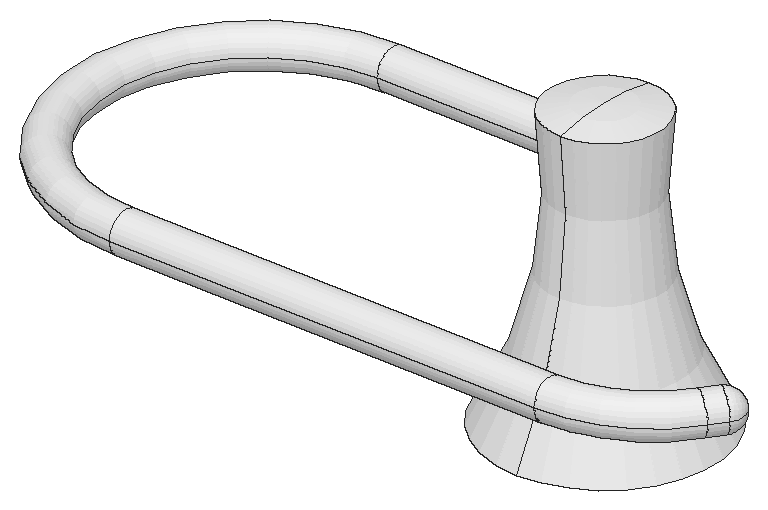
Revit family "Toilet Roll Holder-Single-Caroma Elegance", category Specialty Equipment, host Face, Revit 2013
Parameters (values of type "Standard")
  URL = "http://www.caroma.com.au/"
  Type Comments = "Caroma Elegance Toilet Roll Holder"  # constant formula
  Model = "631163C"  # constant formula
  Material_ANZRS = Metal-Chrome-Caroma
  Manufacturer = "GWA Bathrooms & Kitchens"  # constant formula
  Length_ANZRS = 170 mm  # constant formula
  Description = ""
  Default Elevation = 500 mm
  CreatedBy_ANZRS = "Design Content"  # constant formula
  CreatedByURL_ANZRS = "www.designcontent.com.au"
  Cost = 0
  Assembly Code = "C1030200"
Reference planes
  plane 1 "Center (Elevation)": y = 0
  plane 2 "Back": z = 0
  plane 3 "Center (Left/Right)": x = 0
  plane 4 "Left": x = -90.701
  plane 5 "Right": x = 79.299
  plane 6 "Bottom": y = -80.5
  plane 7 "Front": z = 65
  plane 8 "Top": y = 24.966
Forms (mm)
  Revolve 1, solid, material "Metal-Chrome-Caroma" <- "Material_ANZRS"
    sketch origin (0, 0, 0) x (0, 1, 0) y (0, 0, 1)
      loop
        line (0, 0) -> (24.966, 0)
        arc (24.966, 0) -> (12.91, 30.607) -> (12.499, 63.5) r 91.19
        arc (12.499, 63.5) -> (6.294, 64.624) -> (0, 65) r 52.825
        line (0, 65) -> (0, 0)
      axis (0, 65) -> (0, 0)
    angle from 0 to 360
  Sweep 2, solid, material "Metal-Chrome-Caroma" <- "Material_ANZRS"
    path origin (0, 0, 0) x (1, 0, 0) y (0, 1, 0)
      loop
        line (0, 0) -> (-48.2, 0)
        arc (-48.2, 0) -> (-86.2, -38) -> (-48.2, -76) r 38
        line (-48.2, -76) -> (48.24, -76)
        arc (48.24, -76) -> (61.861, -72.667) -> (72.405, -63.421) r 29.501
        line (72.405, -63.421) -> (74.8, -60)
    profile origin (-24.1, 0, 0) x (0, -1, 0) y (0, 0, 1)
      loop
        circle (0, 55) r 4.5
  Revolve 3, solid, material "Metal-Chrome-Caroma" <- "Material_ANZRS"
    sketch origin (0, 0, 55) x (1, 0, 0) y (0, 1, 0)
      loop
        line (71.114, -57.419) -> (74.8, -60) -> (77.381, -56.314)
        arc (77.381, -56.314) -> (74.019, -55.568) -> (71.114, -57.419) r 4.5
      axis (77.381, -56.314) -> (74.8, -60)
    angle from 0 to 360
Cuts and joins
  joined: Revolve 1, Sweep 2, Revolve 3
Dimensions and locks
  "Length_ANZRS": plane 4 "Left" to plane 5 "Right"
  plane 7 "Front" to level = 65 mm
  aligned and locked: plane 2 "Back" to host face
  aligned and locked: level to host face
Automatic sketch dimensions
  host sketch curve to host sketch curve = 2438.4 mm  (x2)
  plane 1 "Center (Elevation)" to Sweep 2 sketch curve = 0 mm
  plane 4 "Left" to Sweep 2 sketch curve = 42.501 mm
  Sweep 2 sketch curve to plane 6 "Bottom" = 4.5 mm
  Sweep 2 sketch curve to plane 3 "Center (Left/Right)" = 0 mm
  Sweep 2 sketch curve to plane 5 "Right" = 31.059 mm
  Sweep 2 sketch curve to plane 5 "Right" = 6.894 mm
  Sweep 2 sketch curve to Sweep 2 sketch curve = 2.395 mm
  Sweep 2 sketch curve to plane 6 "Bottom" = 17.08 mm
  Sweep 2 sketch curve to Sweep 2 sketch curve = 3.42 mm
  level to Sweep 2 sketch curve = 55 mm
  Sweep 2 sketch curve to profile plane = 0 mm
  Revolve 3 sketch curve to plane 5 "Right" = 8.185 mm
  Revolve 3 sketch curve to plane 5 "Right" = 4.499 mm
  Revolve 3 sketch curve to plane 6 "Bottom" = 20.5 mm
  Revolve 3 sketch curve to plane 5 "Right" = 1.918 mm
  Revolve 3 sketch curve to Revolve 3 sketch curve = 2.581 mm  (x2)
  Revolve 3 sketch curve to Revolve 3 sketch curve = 0 mm  (x3)
  Revolve 3 sketch curve to Revolve 3 sketch curve = 3.686 mm
  Revolve 1 sketch curve to plane 8 "Top" = 0 mm
  Revolve 1 sketch curve to plane 1 "Center (Elevation)" = 0 mm  (x2)
  Revolve 1 sketch curve to level = 0 mm
  Revolve 1 sketch curve to plane 7 "Front" = 0 mm
  Revolve 1 sketch curve to plane 7 "Front" = 1.5 mm
  Revolve 1 sketch curve to plane 7 "Front" = 16.825 mm
  Revolve 1 sketch curve to Revolve 1 sketch curve = 24.096 mm
  Revolve 1 sketch curve to Revolve 1 sketch curve = 7.879 mm
  Revolve 1 sketch curve to Revolve 1 sketch curve = 12.176 mm
  radius of Sweep 2 sketch curve = 4.5 mm
